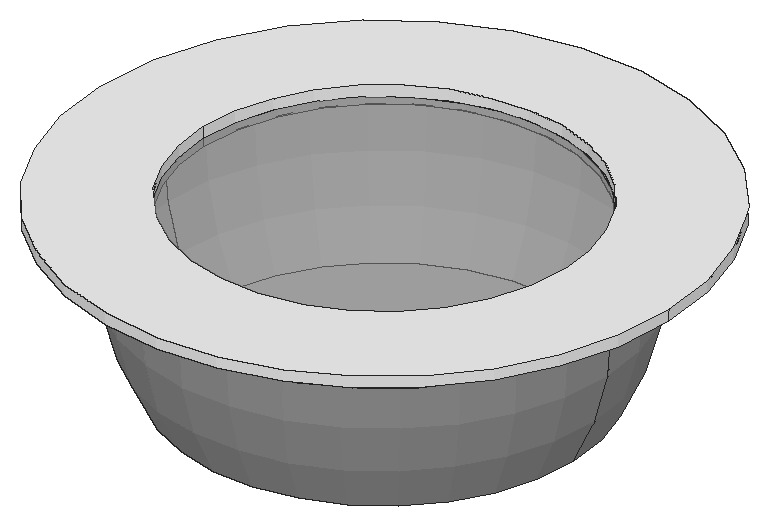
Revit family "3033920 Lighting Fixture_Sylvania_Insaver 150 HE Topper LED_Ceiling Recessed", category Lighting Fixtures, host Face, Revit 2017
Family settings
  Host = Face
  Round Connector Dimension = Use Diameter
  Part Type = Normal
  OmniClass Number = 23.80.70.11.17
  OmniClass Title = Specialized Lighting by Location or Use
  Cut with Voids When Loaded = No
  Light Source = Yes
  Shared = No
  Room Calculation Point = No
Parameters (values of type "Insaver 150 HE Topper LED WW Plus3")
  Weight = 0.80 kg  # constant formula
  Wattage = 8 W
  built-in parameter 1150110 = 1 (stored number, unit not read)
  Voltage Comments = "UNV (Universal Voltage; 220-240 Volt)"  # constant formula
  Voltage = 240 V  # constant formula
  URL = "http://www.sylvania-lighting.com"
  built-in parameter 1114217 = 1 (stored number, unit not read)
  Tilt Angle = -90.00°  # constant formula
  built-in parameter 1150109 = 1 (stored number, unit not read)
  built-in parameter 1150134 = (empty or 0)
  built-in parameter 1150113 = 1 (stored number, unit not read)
  Reflector Material = Polycarbonate_Sylvania_Insaver HE Topper LED_Silver
  Recessed Depth = Height  # 46.0 mm
  Radius = Diameter / 2  # 82.5 mm
  Product Page URL = "http://www.sylvania-lighting.com/product/en-int/products/3033920"
  Product Family = "Insaver HE Topper LED"  # constant formula
  Photometry Comments = ""
  Photometric Web File = "3033922_Insaver150HETopperLEDWWPlus3-182969.ies"
  built-in parameter 1150105 = 310.88 (stored number, unit not read)
  Lumens = 480 lm
  built-in parameter 1150115 = 1 (stored number, unit not read)
  built-in parameter 1150137 = (empty or 0)
  built-in parameter 1150139 = (empty or 0)
  Life = "50 000"  # constant formula
  built-in parameter 1150112 = 1 (stored number, unit not read)
  built-in parameter 1150114 = 1 (stored number, unit not read)
  Lamp Comments = "Integrated LED"
  built-in parameter 1150132 = 2
  built-in parameter 1150102 = (empty or 0)
  built-in parameter 1150107 = 3000 (stored number, unit not read)
  built-in parameter 1150138 = (empty or 0)
  built-in parameter 1150106 = 3.1088 (stored number, unit not read)
  Glow Wire Test = 650 °C  # constant formula
  Emit from Circle Diameter = Diffuser Diameter  # 105.0 mm
  Emit Shape Visible in Rendering = no
  built-in parameter 1150104 = 5.5742 (stored number, unit not read)
  Drive Current = "350mA"  # constant formula
  Dimming Lamp Color Temperature Shift = <None>
  Diffuser Radius = Diffuser Diameter / 2  # 52.5 mm
  Diffuser Diameter = Diameter - 60.0 mm  # 105.0 mm
  Cutout Diameter = 145.0 mm
  Color Filter = 16777215
  Brace Outer Diameter = Cutout Diameter - 5.0 mm  # 140.0 mm
  Brace Inner Diameter = Brace Outer Diameter - 8.0 mm  # 132.0 mm
  Beam Angle = "64-69"  # constant formula
  built-in parameter 1114218 = 1 (stored number, unit not read)
  built-in parameter 1150133 = 10 (stored number, unit not read)
  IP Rating = "IP44"  # constant formula
  Height = 46.0 mm
  built-in parameter 1114216 [instance] = 1 (stored number, unit not read)
  Model = "3033922 Insaver 150 HE Topper LED WW Plus3"
  Manufacturer = "Feilo Sylvania"  # constant formula
  Lamp = "LED"
  Diffuser Material = Polycarbonate_Sylvania_Insaver HE Topper LED_Opal
  Description = "8W & 9W LED white downlight. Ideal for applications such as bathrooms, washrooms or public toilets. IP44 rating allows for installation in applicable zone 1 wet areas. Insaver HE Topper LED with sensor 4,000K delivers 604lm (luminaire lumen output), equating to 76lm/W (total system efficiency). Insaver HE Topper LED can integrate Sylvania PIR sensor and / or Plus3. Sylvania PIR sensor helps you cut energy costs by up to 60%, reduces carbon emissions and helps you comply with carbon reduction legislation and building regulations. Recessed diffuser for an improved visual comfort. Warm white (3,000K) or Neutral white (4,000K). Quick and easy to install. LED lifetime: 50,000 hours. Energy Class: A++, A+, A. LED technology provides an energy efficient solution with reduced maintenance costs"  # constant formula
  Default Elevation = 0.0 mm
  built-in parameter 1140040 [instance] = 1
  Assembly Code = "D5020200"
  Apparent Load Comments = ""
  Apparent Load = 8 VA
  Accessory Material = Aluminum_Sylvania_Insaver HE Topper LED_White
  Diameter = Cutout Diameter + 20.0 mm  # 165.0 mm
Types (8, lengths in mm): name | Wattage | built-in parameter 1150134 | Photometric Web File | built-in parameter 1150105 | Lumens | built-in parameter 1150107 | built-in parameter 1150106 | Model
  Insaver 150 HE Topper LED WW | 8 W | (empty or 0) | "3033918_Insaver150HETopperLEDWW-182926.ies" | 310.88 (stored number, unit not read) | 480 lm | 3000 (stored number, unit not read) | 3.1088 (stored number, unit not read) | "3033918 Insaver 150 HE Topper LED WW"
  Insaver 150 HE Topper LED NW | 10.0667 W | 12 | "3033919_Insaver150HETopperLEDNW-182937.ies" | 391.19 (stored number, unit not read) | 604 lm | 4000 (stored number, unit not read) | 3.9119 (stored number, unit not read) | "3033919 Insaver 150 HE Topper LED NW"
  Insaver 150 HE Topper LED WW PIR | 8 W | (empty or 0) | "3033920_Insaver150HETopperLEDWWPIR-182948.ies" | 310.88 (stored number, unit not read) | 480 lm | 3000 (stored number, unit not read) | 3.1088 (stored number, unit not read) | "3033920 Insaver 150 HE Topper LED WW PIR"
  Insaver 150 HE Topper LED NW PIR Plus3 | 10.0667 W | 12 | "3033925_Insaver150HETopperLEDNWPIRPlus3-182999.ies" | 391.19 (stored number, unit not read) | 604 lm | 4000 (stored number, unit not read) | 3.9119 (stored number, unit not read) | "3033925 Insaver 150 HE Topper LED NW PIR Plus3"
  Insaver 150 HE Topper LED WW Plus3 | 8 W | (empty or 0) | "3033922_Insaver150HETopperLEDWWPlus3-182969.ies" | 310.88 (stored number, unit not read) | 480 lm | 3000 (stored number, unit not read) | 3.1088 (stored number, unit not read) | "3033922 Insaver 150 HE Topper LED WW Plus3"
  Insaver 150 HE Topper LED NW Plus3 | 10.0667 W | 12 | "3033923_Insaver150HETopperLEDNWPlus3-182979.ies" | 391.19 (stored number, unit not read) | 604 lm | 4000 (stored number, unit not read) | 3.9119 (stored number, unit not read) | "3033923 Insaver 150 HE Topper LED NW Plus3"
  Insaver 150 HE Topper LED NW PIR | 10.0667 W | 12 | "3033921_Insaver150HETopperLEDNWPIR-182959.ies" | 391.19 (stored number, unit not read) | 604 lm | 4000 (stored number, unit not read) | 3.9119 (stored number, unit not read) | "3033921 Insaver 150 HE Topper LED NW PIR"
  Insaver 150 HE Topper LED WW PIR Plus3 | 8 W | (empty or 0) | "3033924_Insaver150HETopperLEDWWPIRPlus3-182989.ies" | 310.88 (stored number, unit not read) | 480 lm | 3000 (stored number, unit not read) | 3.1088 (stored number, unit not read) | "3033924 Insaver 150 HE Topper LED WW PIR Plus3"
Reference planes
  plane 1 "Center (Front/Back)": y = 0
  plane 2: z = 0
  plane 3 "Center (Left/Right)": x = 0
  plane 4 "Fixture Top": z = -46
  plane 5 "Fixture Bottom": z = 3
  plane 6 "Brace Top": z = -7.043
  plane 7 "Diffuser Top": z = -2
Forms (mm)
  Extrusion 1, void
    sketch origin (0, 0, 58) x (-1, 0, 0) y (0, -1, 0)
      loop
        circle (0, 0) r 72.5
    from -104 to -55
  Extrusion 2, solid, material "Aluminum_Sylvania_Insaver HE Topper LED_White" <- "Accessory Material", detail levels fine
    sketch origin (0, 0, 58) x (-1, 0, 0) y (0, -1, 0)
      loop
        circle (0, 0) r 82.5
      loop
        circle (0, 0) r 52.5
    from -58 to -55
  Extrusion 3, solid, material "Aluminum_Sylvania_Insaver HE Topper LED_White" <- "Accessory Material", detail levels fine
    sketch origin (0, 0, 58) x (-1, 0, 0) y (0, -1, 0)
      loop
        circle (0, 0) r 70
      loop
        circle (0, 0) r 66
    from -65.043 to -58
  Extrusion 4, solid, material "Polycarbonate_Sylvania_Insaver HE Topper LED_Opal" <- "Diffuser Material", detail levels fine
    sketch origin (0, 0, 58) x (-1, 0, 0) y (0, -1, 0)
      loop
        circle (0, 0) r 52.5
    from -60 to -58
  Revolve 5, solid, material "Polycarbonate_Sylvania_Insaver HE Topper LED_Silver" <- "Reflector Material", detail levels fine
    sketch origin (0, 0, 0) x (1, 0, 0) y (0, 0, 1)
      loop
        line (-52.5, 0) -> (-66, 0) -> (-66, -7.043)
        arc (-66, -7.043) -> (-63.197, -27.283) -> (-55, -46) r 74.484
        line (-55, -46) -> (0, -46) -> (0, -44) -> (-53.871, -44)
        arc (-53.871, -44) -> (-61.422, -26.203) -> (-64, -7.043) r 72.484
        line (-64, -7.043) -> (-64, -2) -> (-52.5, -2) -> (-52.5, 0)
      axis (0, 0) -> (0, -46)
    angle from 0 to 360
  Revolve 6, solid, material "Aluminum_Sylvania_Insaver HE Topper LED_White" <- "Accessory Material", detail levels coarse+medium
    sketch origin (0, 0, 0) x (1, 0, 0) y (0, 0, 1)
      loop
        line (-82.5, 3) -> (-82.5, 0) -> (-70, 0) -> (-70, -7.043) -> (-66, -7.043)
        arc (-66, -7.043) -> (-63.34, -27.324) -> (-55, -46) r 70.874
        line (-55, -46) -> (0, -46) -> (0, 3) -> (-82.5, 3)
      axis (0, 3) -> (0, -46)
    angle from 0 to 360
Cuts and joins
  joined: Extrusion 2, Extrusion 3
Dimensions and locks
  locked: plane 5 "Fixture Bottom" to plane 2 at 3
  locked: plane 5 "Fixture Bottom" to plane 6 "Brace Top" at 10.043
  locked: plane 2 to plane 7 "Diffuser Top" at 2
  locked: Revolve 5 sketch curve to Revolve 5 sketch curve at 13.5
  locked: Revolve 5 sketch curve to Revolve 5 sketch curve at 2  (x2)
  "Diffuser Radius": plane 3 "Center (Left/Right)" to Revolve 5 sketch curve
  "Height": plane 2 to plane 4 "Fixture Top"
  "Radius": plane 3 "Center (Left/Right)" to Revolve 6 sketch curve
  locked: Revolve 6 sketch curve to Revolve 6 sketch curve at 12.5
  locked: Revolve 6 sketch curve to Revolve 6 sketch curve at 4
  locked: Revolve 6 sketch curve to Revolve 6 sketch curve at 27.5
  "Cutout Diameter": diameter of Extrusion 1 sketch curve
  "Diameter": diameter of Extrusion 2 sketch curve
  "Diffuser Diameter": diameter of Extrusion 2 sketch curve
  "Brace Outer Diameter": diameter of Extrusion 3 sketch curve
  "Brace Inner Diameter": diameter of Extrusion 3 sketch curve
  "Diffuser Diameter": diameter of Extrusion 4 sketch curve
  aligned and locked: host face to level
  aligned and locked: level to plane 2
  aligned and locked: Extrusion 2 to plane 2
  aligned and locked: plane 5 "Fixture Bottom" to Extrusion 2
  aligned and locked: Extrusion 3 to plane 6 "Brace Top"
  aligned and locked: level to Extrusion 3
  aligned and locked: Extrusion 4 to plane 7 "Diffuser Top"
  aligned and locked: plane 2 to Extrusion 4
  aligned and locked: plane 4 "Fixture Top" to Revolve 5 sketch curve
  aligned and locked: plane 7 "Diffuser Top" to Revolve 5 sketch curve
  aligned and locked: plane 2 to Revolve 5 sketch curve
  aligned and locked: Revolve 5 sketch curve to plane 3 "Center (Left/Right)"
  aligned and locked: plane 5 "Fixture Bottom" to Extrusion 1
  aligned and locked: plane 4 "Fixture Top" to Extrusion 1
  aligned and locked: plane 3 "Center (Left/Right)" to Revolve 6 sketch curve
  aligned and locked: plane 4 "Fixture Top" to Revolve 6 sketch curve
  aligned and locked: Revolve 6 sketch curve to plane 6 "Brace Top"
  aligned and locked: Revolve 6 sketch curve to plane 2
  aligned and locked: Revolve 6 sketch curve to plane 5 "Fixture Bottom"
  aligned and locked: Revolve 6 sketch curve to plane 3 "Center (Left/Right)"
  aligned and locked: imposter light to plane 3 "Center (Left/Right)"
  aligned and locked: imposter light to plane 5 "Fixture Bottom"
  aligned and locked: imposter light to plane 1 "Center (Front/Back)"
Automatic sketch dimensions
  host sketch curve to host sketch curve = 700.0 mm
  host sketch curve to host sketch curve = 620.0 mm
  plane 1 "Center (Front/Back)" to Extrusion 1 sketch curve = 0.0 mm
  Extrusion 1 sketch curve to plane 3 "Center (Left/Right)" = 0.0 mm
  Extrusion 2 sketch curve to Extrusion 2 sketch curve = 0.0 mm  (x2)
  plane 1 "Center (Front/Back)" to Extrusion 2 sketch curve = 0.0 mm
  Extrusion 2 sketch curve to plane 3 "Center (Left/Right)" = 0.0 mm
  Extrusion 3 sketch curve to Extrusion 3 sketch curve = 0.0 mm  (x2)
  plane 1 "Center (Front/Back)" to Extrusion 3 sketch curve = 0.0 mm
  Extrusion 3 sketch curve to plane 3 "Center (Left/Right)" = 0.0 mm
  plane 1 "Center (Front/Back)" to Extrusion 4 sketch curve = 0.0 mm
  Extrusion 4 sketch curve to plane 3 "Center (Left/Right)" = 0.0 mm
  Revolve 5 sketch curve to Revolve 5 sketch curve = 0.0 mm  (x2)
  Revolve 5 sketch curve to plane 3 "Center (Left/Right)" = 0.0 mm
  Revolve 5 sketch curve to plane 6 "Brace Top" = 0.0 mm
  Revolve 5 sketch curve to Revolve 5 sketch curve = 9.0 mm
  plane 4 "Fixture Top" to Revolve 5 sketch curve = 48.097 mm
  plane 5 "Fixture Bottom" to Revolve 5 sketch curve = 53.903 mm
  Revolve 6 sketch curve to plane 6 "Brace Top" = 1.021 mm
  plane 4 "Fixture Top" to Revolve 6 sketch curve = 72.33 mm
  Revolve 6 sketch curve to Revolve 6 sketch curve = 53.67 mm
Connectors
  electrical at (0, 0, -46), driven by "Voltage", driven by "Apparent Load"
    settings: on Revolve 5, index 1, voltage 240 V, apparent load 0 VA, apparent load phase1 8 VA, apparent load phase2 0 VA, apparent load phase3 0 VA, power factor 1, load classification "Lighting", number of poles 1, system type 31, power factor state 1, is connector primary yes, connector utility no, sub classification motor no, connector description ""
